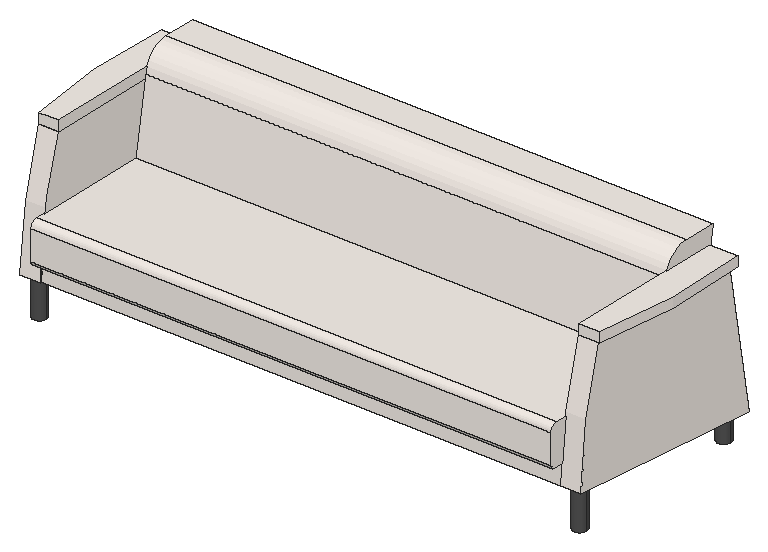
Revit family "M_Sofá-Pensi", category Mobiliário, Revit 2019
Family settings
  Número OmniClass = 23.40.20.14.14.14
  Título OmniClass = Settees, Sofas
  ID de item do Seek = Sofa-Pensi-0000-CAN-ENU
  Com base no plano de trabalho = Não
  Sempre na vertical = Sim
  Corte com vazios quando carregada = Não
  Compartilhado = Não
  Ponto de cálculo do ambiente = Não
Parameters (values of type "2134mm")
  Comprimento = 2134.00 mm
  Material do sofá = Linho, Bege
  Material da moldura = Aço, Cromo polido
Types (3, lengths in mm): name | Comprimento
  (no name) | 2134.00
  2134mm | 2134.00
  1650mm | 1650.00
Reference planes
  plane 1 "Centro (Frente/Trás)": y = 277.11
  plane 2: z = 0
  plane 3 "Centro (Esquerda/Direita)": x = 278.606
  plane 4: y = 696.21
  plane 5: y = -141.99
  plane 6: x = 1345.606
  plane 7: x = -788.394
  plane 8: z = 736.6
  plane 9: z = 406.4
  plane 10: x = 1269.406
  plane 11: x = -712.194
  plane 12: x = -750.294
  plane 13: x = 1307.506
  plane 14: y = 632.71
  plane 15: y = -53.09
Forms (mm)
  Extrusion 1, solid, material "Linho, Bege" <- "Material do sofá"
    sketch origin (0, 0, 0) x (0, 1, 0) y (0, 0, 1)
      loop
        arc (-141.99, 240.126) -> (-137.34, 228.901) -> (-126.115, 224.251) r 15.875
        line (-126.115, 224.251) -> (667.654, 224.251) -> (609.538, 620.172) -> (626.334, 726.077) -> (502.255, 726.077)
        arc (502.255, 726.077) -> (436.948, 702.307) -> (402.199, 642.12) r 101.6
        line (402.199, 642.12) -> (355.39, 376.651) -> (-116.59, 376.651)
        arc (-116.59, 376.651) -> (-134.551, 369.212) -> (-141.99, 351.251) r 25.4
        line (-141.99, 351.251) -> (-141.99, 240.126)
    from -712.194 to 1269.406
  Extrusion 2, solid, material "Linho, Bege" <- "Material do sofá"
    sketch origin (1269.406, 0, 0) x (0, 1, 0) y (0, 0, 1)
      loop
        line (-97.79, 149.311) -> (701.762, 79.359) -> (608.692, 626.02) -> (-9.394, 626.02)
        arc (-9.394, 626.02) -> (-71.771, 391.036) -> (-97.79, 149.311) r 1598.542
    from 0 to 76.2
  Extrusion 3, solid, material "Linho, Bege" <- "Material do sofá"
    sketch origin (-712.194, 0, 0) x (0, 1, 0) y (0, 0, 1)
      loop
        line (608.692, 626.02) -> (-9.394, 626.02)
        arc (-9.394, 626.02) -> (-71.771, 391.036) -> (-97.79, 149.311) r 1598.542
        line (-97.79, 149.311) -> (701.762, 79.359) -> (608.692, 626.02)
    from 0 to -76.2
  Extrusion 4, solid, material "Linho, Bege" <- "Material do sofá"
    sketch origin (1269.406, 0, 0) x (0, 1, 0) y (0, 0, 1)
      loop
        line (-93.695, 224.251) -> (-93.695, 148.051) -> (668.305, 148.051) -> (668.305, 224.251) -> (-93.695, 224.251)
    from 0 to -1981.6
  Extrusion 5, solid, material "Linho, Bege" <- "Material do sofá"
    sketch origin (-712.194, 608.692, 626.02) x (-1, 0, 0) y (0, -1, 0)
      loop
        line (76.2, 618.086) -> (0, 618.086) -> (0, 0) -> (101.6, 0)
        arc (101.6, 0) -> (110.688, 309.938) -> (76.2, 618.086) r 2204.494
      loop
        arc (-2059.921, 618.086) -> (-2096.87, 309.988) -> (-2090.28, -0.248) r 2208.911
        line (-2090.28, -0.248) -> (-1981.6, -0.248) -> (-1981.6, 618.086) -> (-2059.921, 618.086)
    from 0 to 38.1
  Extrusion 6, solid, material "Aço, Cromo polido" <- "Material da moldura"
    sketch origin (0, 0, 0) x (1, 0, 0) y (0, 1, 0)
      loop
        circle (-750.294, -53.09) r 25.4
      loop
        circle (-750.294, 632.71) r 25.4
      loop
        circle (1307.506, 632.71) r 25.4
      loop
        circle (1307.506, -53.09) r 25.4
    from 0 to 148.431
Cuts and joins
  joined: Extrusion 2, Extrusion 3, Extrusion 4
Lines and regions (mm)
  Masking region 1
    outline origin (0, 0, 0) x (1, 0, 0) y (0, 1, 0)
      loop
        line (1269.406, 668.305) -> (-712.194, 668.305) -> (-712.194, 701.762) -> (-788.394, 701.762) -> (-788.394, 608.692) -> (-813.794, 608.692)
        arc (-813.794, 608.692) -> (-822.882, 298.753) -> (-788.394, -9.394) r 2204.494
        line (-788.394, -9.394) -> (-788.394, -97.79) -> (-712.194, -97.79) -> (-712.194, -141.99) -> (1269.406, -141.99) -> (1269.406, -97.79) -> (1345.606, -97.79) -> (1345.606, -20.296)
        arc (1345.606, -20.296) -> (1384.397, 293.158) -> (1378.086, 608.94) r 2208.911
        line (1378.086, 608.94) -> (1345.606, 608.94) -> (1345.606, 696.21) -> (1269.406, 696.21) -> (1269.406, 668.305)
  symbolic lines
    curve 1: line (-788.394, -9.394, 0) -> (-712.194, -9.394, 0)
    curve 2: line (-712.194, -97.79, 0) -> (-712.194, 667.654, 0)
    curve 3: line (-788.394, 608.692, 0) -> (-712.194, 608.692, 0)
    curve 4: line (1345.606, 608.692, 0) -> (1269.406, 608.692, 0)
    curve 5: line (1269.406, 667.654, 0) -> (1269.406, -97.79, 0)
    curve 6: line (1269.406, -9.394, 0) -> (1347.727, -9.394, 0)
    curve 7: line (1269.406, 609.538, 0) -> (-712.194, 609.538, 0)
    curve 8: line (1269.406, 355.39, 0) -> (-712.194, 355.39, 0)
Dimensions and locks
  equal spacing: plane 7, plane 3 "Centro (Esquerda/Direita)", plane 6
  "Comprimento": plane 7 to plane 6
  equal spacing: plane 5, plane 1 "Centro (Frente/Trás)", plane 4
  locked: plane 5 to plane 4 at 838.2
  locked: plane 14 to plane 4 at 63.5
  locked: plane 5 to plane 15 at 88.9
  locked: plane 7 to plane 11 at 76.2
  locked: plane 10 to plane 6 at 76.2
  locked: plane 7 to plane 12 at 38.1
  locked: plane 13 to plane 6 at 38.1
  aligned and locked: Extrusion 1 to plane 10
  aligned and locked: plane 11 to Extrusion 1
  aligned and locked: Extrusion 2 to plane 6
  aligned and locked: plane 7 to Extrusion 3
  aligned and locked: Extrusion 1 to Extrusion 4 sketch curve
  aligned and locked: plane 11 to Extrusion 4
  aligned and locked: Extrusion 5 sketch curve to Extrusion 5 sketch curve
  aligned and locked: Extrusion 5 sketch curve to Extrusion 3
  aligned and locked: plane 5 to Extrusion 1
  aligned and locked: Masking region 1 sketch curve to Extrusion 5
  aligned and locked: Masking region 1 sketch curve to plane 6
  aligned and locked: Extrusion 5 to Masking region 1 sketch curve
  aligned and locked: plane 7 to Masking region 1 sketch curve
  aligned and locked: Masking region 1 sketch curve to Extrusion 3
  aligned and locked: Masking region 1 sketch curve to plane 11
  aligned: curve 8 to Extrusion 1
Automatic sketch dimensions
  Extrusion 1 sketch curve to plane 5 = 0.00 mm
  Extrusion 1 sketch curve to Extrusion 1 sketch curve = 15.875 mm
  Extrusion 1 sketch curve to Extrusion 1 sketch curve = 25.40 mm
  Extrusion 1 sketch curve to plane 1 "Centro (Frente/Trás)" = 78.28 mm
  Extrusion 1 sketch curve to plane 1 "Centro (Frente/Trás)" = 125.089 mm
  Extrusion 1 sketch curve to Extrusion 1 sketch curve = 100.056 mm
  plane 4 to Extrusion 1 sketch curve = 86.672 mm
  plane 8 to Extrusion 1 sketch curve = 10.523 mm
  plane 4 to Extrusion 1 sketch curve = 69.875 mm
  plane 4 to Extrusion 1 sketch curve = 28.556 mm
  Extrusion 1 sketch curve to Extrusion 1 sketch curve = 83.957 mm
  Extrusion 1 sketch curve to Extrusion 1 sketch curve = 105.905 mm
  plane 9 to Extrusion 1 sketch curve = 29.749 mm
  Extrusion 1 sketch curve to Extrusion 1 sketch curve = 111.125 mm
  Extrusion 2 sketch curve to plane 5 = 44.20 mm
  plane 1 "Centro (Frente/Trás)" to Extrusion 2 sketch curve = 286.504 mm
  plane 4 to Extrusion 2 sketch curve = 87.518 mm
  Extrusion 2 sketch curve to plane 4 = 5.552 mm
  level to Extrusion 2 sketch curve = 99.589 mm
  Extrusion 2 sketch curve to Extrusion 2 sketch curve = 798.216 mm
  level to Extrusion 2 sketch curve = 79.359 mm
  level to Extrusion 2 sketch curve = 149.311 mm
  Extrusion 3 sketch curve to plane 5 = 44.20 mm
  plane 1 "Centro (Frente/Trás)" to Extrusion 3 sketch curve = 286.504 mm
  plane 4 to Extrusion 3 sketch curve = 87.518 mm
  Extrusion 3 sketch curve to plane 4 = 5.552 mm
  level to Extrusion 3 sketch curve = 99.589 mm
  Extrusion 3 sketch curve to Extrusion 3 sketch curve = 798.216 mm
  level to Extrusion 3 sketch curve = 79.359 mm
  level to Extrusion 3 sketch curve = 149.311 mm
  Extrusion 4 sketch curve to plane 5 = 48.295 mm
  plane 4 to Extrusion 4 sketch curve = 27.905 mm
  Extrusion 4 sketch curve to Extrusion 4 sketch curve = 76.20 mm
  Extrusion 5 sketch curve to plane 10 = 0.00 mm
  Extrusion 5 sketch curve to plane 11 = 0.00 mm
  Extrusion 5 sketch curve to plane 6 = 2.121 mm
  Extrusion 5 sketch curve to plane 6 = 32.48 mm
  Extrusion 5 sketch curve to plane 6 = 34.147 mm
  plane 7 to Extrusion 5 sketch curve = 0.00 mm
  plane 7 to Extrusion 5 sketch curve = 25.40 mm
  plane 7 to Extrusion 5 sketch curve = 33.183 mm
  plane 4 to Extrusion 5 sketch curve = 87.518 mm
  plane 4 to Extrusion 5 sketch curve = 87.27 mm
  Extrusion 6 sketch curve to plane 14 = 0.00 mm  (x2)
  Extrusion 6 sketch curve to plane 15 = 0.00 mm  (x2)
  Extrusion 6 sketch curve to plane 12 = 0.00 mm  (x2)
  Extrusion 6 sketch curve to plane 13 = 0.00 mm  (x2)
  Extrusion 6 sketch curve to plane 7 = 12.70 mm  (x2)
  Extrusion 6 sketch curve to plane 10 = 12.70 mm  (x2)
  Masking region 1 sketch curve to plane 7 = 0.00 mm
  Masking region 1 sketch curve to plane 5 = 0.00 mm
  Masking region 1 sketch curve to plane 11 = 0.00 mm
  Masking region 1 sketch curve to plane 10 = 0.00 mm  (x2)
  Masking region 1 sketch curve to plane 4 = 0.00 mm
  Masking region 1 sketch curve to plane 6 = 0.00 mm
  plane 7 to Masking region 1 sketch curve = 25.40 mm
  plane 7 to Masking region 1 sketch curve = 33.183 mm
  Masking region 1 sketch curve to plane 6 = 32.48 mm
  Masking region 1 sketch curve to plane 6 = 34.147 mm
  Masking region 1 sketch curve to plane 5 = 44.20 mm  (x2)
  Masking region 1 sketch curve to Masking region 1 sketch curve = 77.494 mm
  Masking region 1 sketch curve to Masking region 1 sketch curve = 88.396 mm
  plane 4 to Masking region 1 sketch curve = 27.905 mm
  curve 3 to plane 7 = 0.00 mm
  curve 1 to plane 7 = 0.00 mm
  curve 4 to plane 6 = 0.00 mm
  curve 6 to plane 6 = 2.121 mm
  curve 2 to plane 5 = 44.20 mm
  curve 5 to plane 5 = 44.20 mm
  curve 5 to curve 6 = 88.396 mm
  curve 2 to curve 1 = 88.396 mm
  plane 4 to curve 4 = 87.518 mm
  plane 4 to curve 3 = 87.518 mm
  plane 4 to curve 2 = 28.556 mm
  plane 4 to curve 5 = 28.556 mm
  curve 4 to curve 7 = 0.846 mm
  curve 8 to plane 11 = 0.00 mm
  curve 8 to plane 10 = 0.00 mm
  curve 8 to plane 1 "Centro (Frente/Trás)" = 78.28 mm
